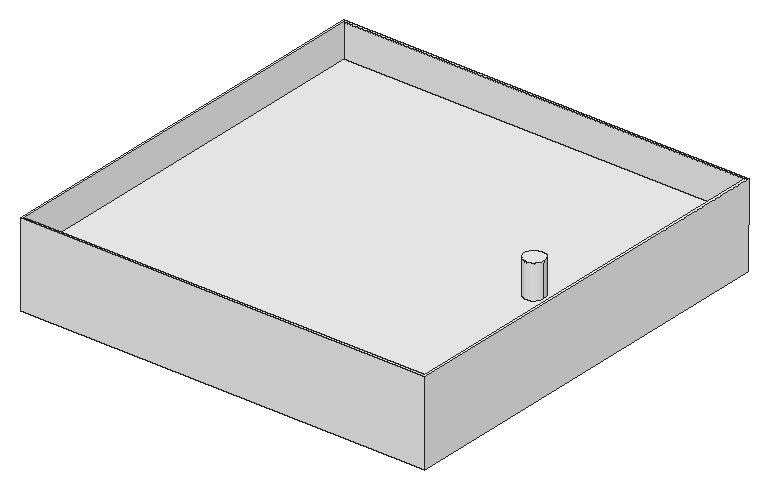
Revit family "Specialty_Access_Door-Acudor-Recessed-AT-5020_Series", category Specialty Equipment, host Face, Revit 2014
Parameters (values of type "AT-5020 12x12")
  Width = 12"
  Wall Mounted = not(Ceiling Mounted)  # yes
  URL = "http://acudor.com/"
  Type Comments = ""
  Torx Cam Latch = no
  Spanner Head Cam Latch = no
  SC - stainless steel screwdriver operated cam latch = no
  Rim Cylinder Lock = yes
  Product Page URL = "https://www.acudor.com/products/specialty-access-doors/ap-5010"
  Product Documentation Link = "https://www.acudor.com/images/acudor/accessdoors/specialty/AT5020/AT-5020_PS.pdf"
  Mortise Cylinder Lock (Prepare for/or Installed) = no
  Model = "AT-5020 12x12"
  Material = "Steel-Acudor-White Alkyd Enamel"  # constant formula
  Manufacturer = "Acudor"
  Length = 2 1/2"  # constant formula
  Installation Type = if(Wall Mounted, "Wall Mounted", "Ceiling Mounted")  # "Wall Mounted"
  Height = 12"
  Finish = Steel-Acudor-White Alkyd Enamel
  Description = "Recessed Specialty Access Doors"  # constant formula
  Default Elevation = 48"
  Ceiling Mounted = no
  CL - Cylinder Lock (one per door) = no
  Assembly Code = "C1020700"
  Allen Head Cam Latch = no
  2 Latches = no
  1 Latch = yes
Types (5): name | Width | Product Page URL | Model | Height | 2 Latches | 1 Latch
  (no name) | 12" | "https://www.acudor.com/products/specialty-access-doors/ap-5010" | "AT-5020 12x12" | 12" | no | yes
  AT-5020 12x12 | 12" | "https://www.acudor.com/products/specialty-access-doors/ap-5010" | "AT-5020 12x12" | 12" | no | yes
  AT-5020 18x18 | 18" | "https://www.acudor.com/products/specialty-access-doors/at-5020" | "AT-5020 18x18" | 18" | yes | no
  AT-5020 24x24 | 24" | "https://www.acudor.com/products/specialty-access-doors/at-5020" | "AT-5020 24x24" | 24" | yes | no
  AT-5020 24x36 | 24" | "https://www.acudor.com/products/specialty-access-doors/at-5020" | "AT-5020 24x36" | 36" | yes | no
Reference planes (in)
  plane 1 "Center (Front/Back)": y = 0
  plane 2: z = 0
  plane 3 "Center (Left/Right)": x = 0
  plane 4: y = 9
  plane 5: y = -9
  plane 6: x = 9
  plane 7: x = -9
  plane 8: y = 6
  plane 9: y = -6
  plane 10: x = 6
  plane 11: x = -6
  plane 12: z = -2.5
  plane 13: z = -1
  plane 14: x = 4.49388
  plane 15: y = 3
  plane 16: y = -3
Forms (in)
  Extrusion 1, void
    sketch origin (0, 0, 0) x (1, 0, 0) y (0, 1, 0)
      loop
        line (-6.06364, 6.06364) -> (-6.06364, -6.06364) -> (6.06364, -6.06364) -> (6.06364, 6.06364) -> (-6.06364, 6.06364)
    from -2.5 to 0.075
  Sweep 2, solid, material "Steel-Acudor-White Alkyd Enamel" <- "Finish"
    path origin (0, 0, 0) x (1, 0, 0) y (0, 1, 0)
      loop
        line (-6, 6) -> (-6, -6) -> (6, -6) -> (6, 6) -> (-6, 6)
    profile origin (0, 6, 0) x (0, 1, 0) y (0, 0, 1)
      loop
        line (0, 0) -> (0, -1) -> (-1.43636, -1) -> (-1.43636, -2.5) -> (0.06364, -2.5) -> (0.06364, 0) -> (0, 0)
  Extrusion 3, solid, material "Steel-Acudor-White Alkyd Enamel" <- "Finish"
    sketch origin (0, 0, 0) x (1, 0, 0) y (0, 1, 0)
      loop
        line (-4.56364, 4.56364) -> (-4.56364, -4.56364) -> (4.56364, -4.56364) -> (4.56364, 4.56364) -> (-4.56364, 4.56364)
    from -2.5 to -1
  Extrusion 4, solid, material "Steel-Acudor-White Alkyd Enamel" <- "Finish", visible <- "1 Latch"
    sketch origin (0, 0, 0) x (1, 0, 0) y (0, 1, 0)
      loop
        circle (4.49388, 0) r 0.30126
    from -1 to 0
  Extrusion 5, solid, material "Steel-Acudor-White Alkyd Enamel" <- "Finish", not visible
    sketch origin (0, 10.8, 0) x (1, 0, 0) y (0, 1, 0)
      loop
        circle (4.49388, -7.8) r 0.30126
      loop
        circle (4.49388, -13.8) r 0.30126
    from -1 to 0
Cuts and joins
  joined: Sweep 2, Extrusion 3
Lines and regions (in)
  Masking region 1
    outline origin (0, 0, 0) x (1, 0, 0) y (0, 0, 1)
      loop
        line (6.06364, 0) -> (-6.06364, 0) -> (-6.06364, -2.5) -> (6.06364, -2.5) -> (6.06364, 0)
Dimensions and locks (in)
  "Height": plane 8 to plane 9
  equal spacing: plane 11, plane 3 "Center (Left/Right)", plane 10
  "Width": plane 11 to plane 10
  plane 4 to plane 8 = 3"
  plane 5 to plane 9 = 3"
  plane 7 to plane 11 = 3"
  plane 10 to plane 6 = 3"
  "Length": plane 12 to level
  locked: plane 13 to level at 1
  locked: plane 14 to plane 10 at 1.50612
  equal spacing: plane 8, plane 15, plane 1 "Center (Front/Back)", plane 16, plane 9
  locked: plane 8 to Sweep 2 sketch curve at 1.43636
  locked: Sweep 2 sketch curve to plane 8 at 0.06364
  diameter of Extrusion 4 sketch curve = 0.60253"
  diameter of Extrusion 5 sketch curve = 0.60253"  (x2)
  aligned and locked: plane 2 to host face
  aligned and locked: level to host face
  aligned and locked: plane 12 to Extrusion 1
  aligned and locked: Sweep 2 sketch curve to plane 8  (x2)
  aligned and locked: Sweep 2 sketch curve to plane 11
  aligned and locked: Sweep 2 sketch curve to plane 9
  aligned and locked: Sweep 2 sketch curve to plane 10
  aligned and locked: plane 12 to Extrusion 3
  aligned and locked: plane 1 "Center (Front/Back)" to Extrusion 4 sketch curve
  aligned and locked: plane 14 to Extrusion 4 sketch curve
  aligned and locked: plane 13 to Extrusion 4
  aligned and locked: level to Extrusion 4
  aligned and locked: plane 15 to Extrusion 5 sketch curve
  aligned and locked: plane 14 to Extrusion 5 sketch curve  (x2)
  aligned and locked: plane 16 to Extrusion 5 sketch curve
  aligned and locked: level to Extrusion 5
  aligned and locked: Sweep 2 sketch curve to plane 13
  aligned and locked: plane 12 to Sweep 2 sketch curve
  aligned and locked: level to Sweep 2 sketch curve
  aligned and locked: Extrusion 3 to Sweep 2  (x4)
  aligned and locked: Extrusion 3 to plane 13
  aligned and locked: plane 13 to Extrusion 5
  aligned and locked: Masking region 1 sketch curve to cut or joined group of Sweep 2, Extrusion 3  (x4)
Automatic sketch dimensions
  host sketch curve to host sketch curve = 96"  (x2)
  plane 11 to Extrusion 1 sketch curve = 0.06364"
  plane 10 to Extrusion 1 sketch curve = 0.06364"
  plane 9 to Extrusion 1 sketch curve = 0.06364"
  plane 8 to Extrusion 1 sketch curve = 0.06364"
  Extrusion 3 sketch curve to plane 11 = 1.43636"
  plane 14 to Extrusion 3 sketch curve = 0.06976"
  Extrusion 3 sketch curve to plane 9 = 1.43636"
  Extrusion 3 sketch curve to plane 8 = 1.43636"
